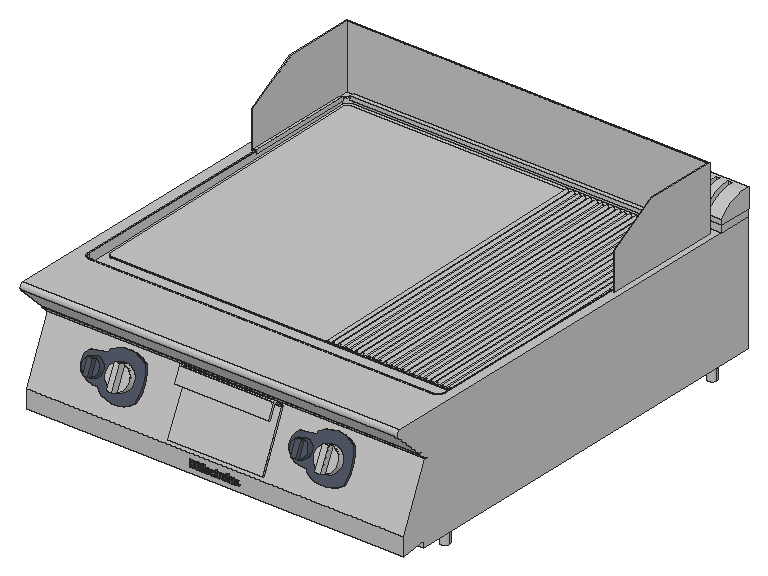
Revit family "QF_ELECTROLUXPROFESSIONAL_391055_E9FTGHCP00", category Specialty Equipment, Revit 2018 (continued)
Automatic sketch dimensions
  Extrusion 15 sketch curve to Extrusion 31 = 23.517 mm  (x2)
  Extrusion 31 to Extrusion 15 sketch curve = 10 mm
  Sweep 32 sketch curve to profile plane = 0 mm  (x22)
  profile plane to Sweep 32 sketch curve = 3.736 mm  (x22)
  plane 3 "LEFT" to Sweep 32 sketch curve = 496.642 mm
  Sweep 32 sketch curve to Sweep 32 sketch curve = 3.877 mm  (x44)
  Sweep 32 sketch curve to Sweep 32 sketch curve = 4.381 mm  (x21)
  Extrusion 7 sketch curve to Extrusion 1 = 0 mm  (x3)
  Extrusion 7 sketch curve to Extrusion 7 sketch curve = 69.85 mm
  Extrusion 1 to Extrusion 12 sketch curve = 17.03 mm  (x2)
  Extrusion 1 to Extrusion 12 sketch curve = 83.39 mm
  Extrusion 12 sketch curve to Extrusion 12 sketch curve = 1.588 mm
  Extrusion 1 to Extrusion 13 sketch curve = 37.03 mm
  Extrusion 1 to Extrusion 13 sketch curve = 92.539 mm
  Extrusion 13 sketch curve to Extrusion 13 sketch curve = 15 mm  (x3)
  Extrusion 1 to Extrusion 13 sketch curve = 145.147 mm  (x2)
  Extrusion 1 to Extrusion 13 sketch curve = 22.03 mm
  Extrusion 18 sketch curve to Extrusion 1 = 52 mm
  Extrusion 18 sketch curve to Extrusion 1 = 195.774 mm
  Extrusion 19 sketch curve to Extrusion 1 = 6.923 mm
  Extrusion 19 sketch curve to Extrusion 1 = 11.964 mm
  Extrusion 19 sketch curve to Extrusion 1 = 11.983 mm
  Extrusion 19 sketch curve to Extrusion 19 sketch curve = 0 mm  (x28)
  Extrusion 19 sketch curve to Extrusion 19 sketch curve = 5.108 mm  (x2)
  Extrusion 19 sketch curve to Extrusion 1 = 12.085 mm
  Extrusion 19 sketch curve to Extrusion 19 sketch curve = 0.218 mm
  Extrusion 19 sketch curve to Extrusion 19 sketch curve = 0.195 mm
  Extrusion 19 sketch curve to Extrusion 19 sketch curve = 0.249 mm
  Extrusion 19 sketch curve to Extrusion 1 = 12.28 mm
  Extrusion 19 sketch curve to Extrusion 19 sketch curve = 0.087 mm
  Extrusion 19 sketch curve to Extrusion 19 sketch curve = 0.358 mm
  Extrusion 19 sketch curve to Extrusion 19 sketch curve = 0.481 mm
  Extrusion 19 sketch curve to Extrusion 19 sketch curve = 0.597 mm
  Extrusion 19 sketch curve to Extrusion 19 sketch curve = 0.544 mm
  Extrusion 19 sketch curve to Extrusion 19 sketch curve = 0.936 mm
  Extrusion 19 sketch curve to Extrusion 19 sketch curve = 0.594 mm
  Extrusion 19 sketch curve to Extrusion 19 sketch curve = 0.343 mm
  Extrusion 19 sketch curve to Extrusion 19 sketch curve = 0.159 mm
  Extrusion 19 sketch curve to Extrusion 19 sketch curve = 0.826 mm
  Extrusion 19 sketch curve to Extrusion 19 sketch curve = 0.839 mm
  Extrusion 19 sketch curve to Extrusion 19 sketch curve = 0.852 mm
  Extrusion 19 sketch curve to Extrusion 19 sketch curve = 0.887 mm
  Extrusion 19 sketch curve to Extrusion 19 sketch curve = 0.928 mm
  Extrusion 19 sketch curve to Extrusion 19 sketch curve = 0.938 mm
  Extrusion 19 sketch curve to Extrusion 19 sketch curve = 0.444 mm
  Extrusion 19 sketch curve to Extrusion 19 sketch curve = 1.11 mm  (x3)
  Extrusion 19 sketch curve to Extrusion 19 sketch curve = 0.215 mm
  Extrusion 19 sketch curve to Extrusion 19 sketch curve = 1.43 mm
  Extrusion 19 sketch curve to Extrusion 19 sketch curve = 1.188 mm
  Extrusion 19 sketch curve to Extrusion 19 sketch curve = 1.21 mm  (x2)
  Extrusion 19 sketch curve to Extrusion 19 sketch curve = 0.503 mm
  Extrusion 19 sketch curve to Extrusion 19 sketch curve = 0.488 mm
  Extrusion 19 sketch curve to Extrusion 19 sketch curve = 0.462 mm
  Extrusion 19 sketch curve to Extrusion 19 sketch curve = 1.386 mm
  Extrusion 19 sketch curve to Extrusion 19 sketch curve = 1.742 mm  (x2)
  Extrusion 19 sketch curve to Extrusion 19 sketch curve = 0.821 mm
  Extrusion 19 sketch curve to Extrusion 19 sketch curve = 0.497 mm
  Extrusion 19 sketch curve to Extrusion 19 sketch curve = 0.539 mm
  Extrusion 19 sketch curve to Extrusion 19 sketch curve = 0.686 mm
  Extrusion 19 sketch curve to Extrusion 19 sketch curve = 0.408 mm
  Extrusion 19 sketch curve to Extrusion 19 sketch curve = 0.743 mm
  Extrusion 19 sketch curve to Extrusion 19 sketch curve = 1.16 mm
  Extrusion 19 sketch curve to Extrusion 19 sketch curve = 0.329 mm
  Extrusion 19 sketch curve to Extrusion 19 sketch curve = 1.054 mm
  Extrusion 19 sketch curve to Extrusion 19 sketch curve = 1.056 mm
  Extrusion 19 sketch curve to Extrusion 19 sketch curve = 1.185 mm
  Extrusion 19 sketch curve to Extrusion 19 sketch curve = 0.489 mm
  Extrusion 19 sketch curve to Extrusion 19 sketch curve = 0.441 mm
  Extrusion 19 sketch curve to Extrusion 19 sketch curve = 1.151 mm
  Extrusion 19 sketch curve to Extrusion 19 sketch curve = 1.141 mm  (x2)
  Extrusion 19 sketch curve to Extrusion 19 sketch curve = 0.768 mm
  Extrusion 19 sketch curve to Extrusion 19 sketch curve = 1.653 mm
  Extrusion 19 sketch curve to Extrusion 19 sketch curve = 0.499 mm
  Extrusion 19 sketch curve to Extrusion 19 sketch curve = 0.964 mm
  Extrusion 19 sketch curve to Extrusion 19 sketch curve = 0.949 mm
  Extrusion 19 sketch curve to Extrusion 19 sketch curve = 1.345 mm  (x3)
  Extrusion 19 sketch curve to Extrusion 19 sketch curve = 1.101 mm
  Extrusion 19 sketch curve to Extrusion 19 sketch curve = 0.432 mm
  Extrusion 19 sketch curve to Extrusion 19 sketch curve = 1.142 mm
  Extrusion 19 sketch curve to Extrusion 19 sketch curve = 0.959 mm
  Extrusion 19 sketch curve to Extrusion 19 sketch curve = 0.176 mm
  Extrusion 19 sketch curve to Extrusion 19 sketch curve = 0.728 mm
  Extrusion 19 sketch curve to Extrusion 19 sketch curve = 3.375 mm  (x2)
  Extrusion 19 sketch curve to Extrusion 19 sketch curve = 0.541 mm
  Extrusion 19 sketch curve to Extrusion 19 sketch curve = 0.955 mm
  Extrusion 19 sketch curve to Extrusion 19 sketch curve = 1.251 mm
  Extrusion 19 sketch curve to Extrusion 19 sketch curve = 0.572 mm
  Extrusion 19 sketch curve to Extrusion 19 sketch curve = 1.92 mm
  Extrusion 19 sketch curve to Extrusion 19 sketch curve = 1.224 mm
  Extrusion 19 sketch curve to Extrusion 19 sketch curve = 0.745 mm
  Extrusion 19 sketch curve to Extrusion 19 sketch curve = 2.537 mm
  Extrusion 19 sketch curve to Extrusion 19 sketch curve = 0.896 mm  (x3)
  Extrusion 19 sketch curve to Extrusion 19 sketch curve = 0.036 mm
  Extrusion 19 sketch curve to Extrusion 19 sketch curve = 2.607 mm
  Extrusion 19 sketch curve to Extrusion 19 sketch curve = 0.066 mm
  Extrusion 19 sketch curve to Extrusion 19 sketch curve = 0.248 mm
  Extrusion 19 sketch curve to Extrusion 19 sketch curve = 0.449 mm
  Extrusion 19 sketch curve to Extrusion 19 sketch curve = 1.052 mm
  Extrusion 19 sketch curve to Extrusion 19 sketch curve = 1.863 mm
  Extrusion 19 sketch curve to Extrusion 19 sketch curve = 1.31 mm  (x2)
  Extrusion 19 sketch curve to Extrusion 19 sketch curve = 0.901 mm
  Extrusion 19 sketch curve to Extrusion 19 sketch curve = 1.107 mm
  Extrusion 19 sketch curve to Extrusion 19 sketch curve = 2.122 mm
  Extrusion 19 sketch curve to Extrusion 19 sketch curve = 2.101 mm
  Extrusion 19 sketch curve to Extrusion 19 sketch curve = 0.106 mm
  Extrusion 19 sketch curve to Extrusion 19 sketch curve = 0.029 mm
  Extrusion 19 sketch curve to Extrusion 19 sketch curve = 2.09 mm
  Extrusion 19 sketch curve to Extrusion 19 sketch curve = 1.279 mm
  Extrusion 19 sketch curve to Extrusion 19 sketch curve = 2.008 mm
  Extrusion 19 sketch curve to Extrusion 19 sketch curve = 0.738 mm
  Extrusion 19 sketch curve to Extrusion 19 sketch curve = 0.382 mm
  Extrusion 19 sketch curve to Extrusion 19 sketch curve = 0.384 mm
  Extrusion 19 sketch curve to Extrusion 19 sketch curve = 0.002 mm
  Extrusion 19 sketch curve to Extrusion 19 sketch curve = 0.561 mm
  Extrusion 19 sketch curve to Extrusion 19 sketch curve = 0.592 mm
  Extrusion 19 sketch curve to Extrusion 19 sketch curve = 2.692 mm
  Extrusion 19 sketch curve to Extrusion 19 sketch curve = 1.259 mm
  Extrusion 19 sketch curve to Extrusion 19 sketch curve = 0.802 mm
  Extrusion 19 sketch curve to Extrusion 19 sketch curve = 1.024 mm
  Extrusion 19 sketch curve to Extrusion 19 sketch curve = 0.682 mm
  Extrusion 19 sketch curve to Extrusion 19 sketch curve = 5.934 mm
  Extrusion 19 sketch curve to Extrusion 19 sketch curve = 2.186 mm
  Extrusion 19 sketch curve to Extrusion 19 sketch curve = 0.337 mm
  Extrusion 19 sketch curve to Extrusion 19 sketch curve = 0.021 mm
  Extrusion 19 sketch curve to Extrusion 19 sketch curve = 1.005 mm
  Extrusion 19 sketch curve to Extrusion 19 sketch curve = 0.552 mm
  Extrusion 19 sketch curve to Extrusion 19 sketch curve = 0.778 mm
  Extrusion 19 sketch curve to Extrusion 19 sketch curve = 0.063 mm
  Extrusion 19 sketch curve to Extrusion 19 sketch curve = 1.023 mm
  Extrusion 19 sketch curve to Extrusion 19 sketch curve = 3.804 mm
  Extrusion 19 sketch curve to Extrusion 19 sketch curve = 0.486 mm
  Extrusion 19 sketch curve to Extrusion 19 sketch curve = 0.266 mm
  Extrusion 19 sketch curve to Extrusion 19 sketch curve = 1.547 mm
  Extrusion 19 sketch curve to Extrusion 19 sketch curve = 0.717 mm  (x2)
  Extrusion 19 sketch curve to Extrusion 19 sketch curve = 1.667 mm
  Extrusion 19 sketch curve to Extrusion 19 sketch curve = 3.174 mm
  Extrusion 19 sketch curve to Extrusion 19 sketch curve = 0.388 mm
  Extrusion 19 sketch curve to Extrusion 19 sketch curve = 1.342 mm
  Extrusion 19 sketch curve to Extrusion 19 sketch curve = 1.521 mm
  Extrusion 19 sketch curve to Extrusion 19 sketch curve = 0.124 mm
  Extrusion 19 sketch curve to Extrusion 19 sketch curve = 0.291 mm
  Extrusion 19 sketch curve to Extrusion 19 sketch curve = 1.049 mm  (x2)
  Extrusion 19 sketch curve to Extrusion 19 sketch curve = 1.7 mm
  Extrusion 19 sketch curve to Extrusion 19 sketch curve = 0.894 mm
  Extrusion 19 sketch curve to Extrusion 19 sketch curve = 0.989 mm
  Extrusion 19 sketch curve to Extrusion 19 sketch curve = 1.168 mm
  Extrusion 19 sketch curve to Extrusion 19 sketch curve = 1.594 mm
  Extrusion 19 sketch curve to Extrusion 19 sketch curve = 0.731 mm
  Extrusion 19 sketch curve to Extrusion 19 sketch curve = 1.566 mm
  Extrusion 19 sketch curve to Extrusion 19 sketch curve = 0.064 mm
  Extrusion 19 sketch curve to Extrusion 19 sketch curve = 0.556 mm  (x2)
  Extrusion 19 sketch curve to Extrusion 19 sketch curve = 0.48 mm
  Extrusion 19 sketch curve to Extrusion 19 sketch curve = 0.228 mm
  Extrusion 19 sketch curve to Extrusion 19 sketch curve = 1.018 mm
  Extrusion 19 sketch curve to Extrusion 19 sketch curve = 0.787 mm
  Extrusion 19 sketch curve to Extrusion 19 sketch curve = 0.618 mm
  Extrusion 19 sketch curve to Extrusion 19 sketch curve = 1.672 mm
  Extrusion 19 sketch curve to Extrusion 19 sketch curve = 1.361 mm
  Extrusion 19 sketch curve to Extrusion 19 sketch curve = 0.822 mm
  Extrusion 19 sketch curve to Extrusion 19 sketch curve = 0.069 mm
  Extrusion 19 sketch curve to Extrusion 19 sketch curve = 1.88 mm
  Extrusion 19 sketch curve to Extrusion 19 sketch curve = 0.42 mm
  Extrusion 19 sketch curve to Extrusion 19 sketch curve = 0.062 mm
  Extrusion 19 sketch curve to Extrusion 19 sketch curve = 1.355 mm
  Extrusion 19 sketch curve to Extrusion 19 sketch curve = 2.34 mm
  Extrusion 19 sketch curve to Extrusion 19 sketch curve = 0.493 mm
  Extrusion 19 sketch curve to Extrusion 19 sketch curve = 0.136 mm
  Extrusion 19 sketch curve to Extrusion 19 sketch curve = 0.128 mm
  Extrusion 19 sketch curve to Extrusion 19 sketch curve = 3.616 mm
  Extrusion 19 sketch curve to Extrusion 19 sketch curve = 4.207 mm
  Extrusion 19 sketch curve to Extrusion 19 sketch curve = 0.183 mm
  Extrusion 19 sketch curve to Extrusion 19 sketch curve = 0.895 mm
  Extrusion 19 sketch curve to Extrusion 19 sketch curve = 1.314 mm
  Extrusion 19 sketch curve to Extrusion 19 sketch curve = 3.231 mm
  Extrusion 19 sketch curve to Extrusion 19 sketch curve = 1.299 mm
  Extrusion 19 sketch curve to Extrusion 19 sketch curve = 1.214 mm
  Extrusion 19 sketch curve to Extrusion 19 sketch curve = 1.264 mm
  Extrusion 19 sketch curve to Extrusion 19 sketch curve = 0.109 mm
  Extrusion 19 sketch curve to Extrusion 19 sketch curve = 0.357 mm
  Extrusion 19 sketch curve to Extrusion 19 sketch curve = 0.565 mm
  Extrusion 19 sketch curve to Extrusion 19 sketch curve = 2.504 mm
  Extrusion 19 sketch curve to Extrusion 19 sketch curve = 2.459 mm
  Extrusion 1 to Extrusion 19 sketch curve = 348.496 mm
  Extrusion 19 sketch curve to Extrusion 19 sketch curve = 0.208 mm
  Extrusion 19 sketch curve to Extrusion 19 sketch curve = 0.468 mm  (x2)
  Extrusion 19 sketch curve to Extrusion 19 sketch curve = 1.559 mm
  Extrusion 19 sketch curve to Extrusion 19 sketch curve = 0.422 mm  (x2)
  Extrusion 19 sketch curve to Extrusion 19 sketch curve = 0.494 mm
  Extrusion 19 sketch curve to Extrusion 19 sketch curve = 3.927 mm
  Extrusion 19 sketch curve to Extrusion 19 sketch curve = 0.782 mm
  Extrusion 19 sketch curve to Extrusion 19 sketch curve = 1.268 mm
  Extrusion 19 sketch curve to Extrusion 19 sketch curve = 0.671 mm
  Extrusion 19 sketch curve to Extrusion 19 sketch curve = 0.777 mm
  Extrusion 19 sketch curve to Extrusion 19 sketch curve = 0.704 mm
  Extrusion 19 sketch curve to Extrusion 19 sketch curve = 0.781 mm  (x2)
  Extrusion 19 sketch curve to Extrusion 19 sketch curve = 1.634 mm
  Extrusion 19 sketch curve to Extrusion 19 sketch curve = 0.132 mm
  Extrusion 19 sketch curve to Extrusion 19 sketch curve = 3.136 mm
  Extrusion 19 sketch curve to Extrusion 19 sketch curve = 2.422 mm
  Extrusion 19 sketch curve to Extrusion 19 sketch curve = 0.586 mm
  Extrusion 19 sketch curve to Extrusion 19 sketch curve = 2.046 mm  (x2)
  Extrusion 19 sketch curve to Extrusion 19 sketch curve = 1.241 mm
  Extrusion 19 sketch curve to Extrusion 19 sketch curve = 1.689 mm
  Extrusion 19 sketch curve to Extrusion 19 sketch curve = 2.859 mm
  Extrusion 19 sketch curve to Extrusion 19 sketch curve = 0.627 mm
  Extrusion 19 sketch curve to Extrusion 19 sketch curve = 0.863 mm
  Extrusion 19 sketch curve to Extrusion 19 sketch curve = 0.419 mm
  Extrusion 19 sketch curve to Extrusion 19 sketch curve = 1.514 mm
  Extrusion 19 sketch curve to Extrusion 19 sketch curve = 1.019 mm
  Extrusion 19 sketch curve to Extrusion 19 sketch curve = 0.065 mm
  Extrusion 19 sketch curve to Extrusion 19 sketch curve = 1.215 mm
  Extrusion 19 sketch curve to Extrusion 19 sketch curve = 2.708 mm
  Extrusion 19 sketch curve to Extrusion 19 sketch curve = 1.122 mm
  Extrusion 19 sketch curve to Extrusion 19 sketch curve = 1.153 mm
  Extrusion 19 sketch curve to Extrusion 19 sketch curve = 3.009 mm
  Extrusion 19 sketch curve to Extrusion 19 sketch curve = 0.829 mm  (x2)
  Extrusion 19 sketch curve to Extrusion 19 sketch curve = 0.934 mm
  Extrusion 19 sketch curve to Extrusion 19 sketch curve = 3.376 mm
  Extrusion 19 sketch curve to Extrusion 19 sketch curve = 0.222 mm
  Extrusion 19 sketch curve to Extrusion 19 sketch curve = 1.383 mm
  Extrusion 19 sketch curve to Extrusion 19 sketch curve = 1.556 mm
  Extrusion 19 sketch curve to Extrusion 19 sketch curve = 2.559 mm
  Extrusion 19 sketch curve to Extrusion 19 sketch curve = 2.51 mm
  Extrusion 19 sketch curve to Extrusion 19 sketch curve = 0.131 mm
  Extrusion 19 sketch curve to Extrusion 19 sketch curve = 1.717 mm
  Extrusion 19 sketch curve to Extrusion 19 sketch curve = 1.134 mm
  Extrusion 19 sketch curve to Extrusion 19 sketch curve = 0.366 mm
  Extrusion 19 sketch curve to Extrusion 19 sketch curve = 0.094 mm
  Extrusion 19 sketch curve to Extrusion 19 sketch curve = 1.584 mm
  Extrusion 19 sketch curve to Extrusion 19 sketch curve = 1.501 mm
  Extrusion 19 sketch curve to Extrusion 19 sketch curve = 0.27 mm
  Extrusion 19 sketch curve to Extrusion 19 sketch curve = 1.808 mm
  Extrusion 19 sketch curve to Extrusion 19 sketch curve = 0.643 mm
  Extrusion 19 sketch curve to Extrusion 19 sketch curve = 0.916 mm
  Extrusion 19 sketch curve to Extrusion 19 sketch curve = 0.352 mm
  Extrusion 19 sketch curve to Extrusion 19 sketch curve = 0.458 mm
  Extrusion 19 sketch curve to Extrusion 19 sketch curve = 1.282 mm
  Extrusion 19 sketch curve to Extrusion 19 sketch curve = 1.363 mm
  Extrusion 19 sketch curve to Extrusion 19 sketch curve = 0.685 mm
  Extrusion 19 sketch curve to Extrusion 19 sketch curve = 0.905 mm
  Extrusion 19 sketch curve to Extrusion 19 sketch curve = 2.865 mm
  Extrusion 19 sketch curve to Extrusion 19 sketch curve = 0.472 mm
  Extrusion 19 sketch curve to Extrusion 19 sketch curve = 0.101 mm
  Extrusion 19 sketch curve to Extrusion 19 sketch curve = 0.54 mm
  Extrusion 19 sketch curve to Extrusion 19 sketch curve = 0.02 mm
  Extrusion 19 sketch curve to Extrusion 19 sketch curve = 0.582 mm
  Extrusion 19 sketch curve to Extrusion 19 sketch curve = 0.166 mm
  Extrusion 19 sketch curve to Extrusion 19 sketch curve = 0.16 mm
  Extrusion 19 sketch curve to Extrusion 19 sketch curve = 2.781 mm
  Extrusion 19 sketch curve to Extrusion 19 sketch curve = 1.118 mm
  Extrusion 19 sketch curve to Extrusion 19 sketch curve = 0.613 mm
  Extrusion 19 sketch curve to Extrusion 19 sketch curve = 0.361 mm
  Extrusion 19 sketch curve to Extrusion 19 sketch curve = 0.897 mm
  Extrusion 19 sketch curve to Extrusion 19 sketch curve = 0.167 mm
  Extrusion 19 sketch curve to Extrusion 19 sketch curve = 0.292 mm
  Extrusion 19 sketch curve to Extrusion 19 sketch curve = 0.305 mm
  Extrusion 19 sketch curve to Extrusion 19 sketch curve = 1.557 mm
  Extrusion 19 sketch curve to Extrusion 19 sketch curve = 2.499 mm
  Extrusion 19 sketch curve to Extrusion 19 sketch curve = 3.062 mm
  Extrusion 19 sketch curve to Extrusion 19 sketch curve = 2.968 mm
  Extrusion 19 sketch curve to Extrusion 19 sketch curve = 5.044 mm
  Extrusion 19 sketch curve to Extrusion 19 sketch curve = 0.629 mm  (x2)
  Extrusion 19 sketch curve to Extrusion 19 sketch curve = 1.131 mm
  Extrusion 19 sketch curve to Extrusion 19 sketch curve = 0.137 mm
  Extrusion 19 sketch curve to Extrusion 19 sketch curve = 0.027 mm
  Extrusion 19 sketch curve to Extrusion 19 sketch curve = 2.235 mm
  plane 5 "FRONT" to Extrusion 30 sketch curve = 0 mm  (x2)
  Extrusion 30 sketch curve to plane 3 "LEFT" = 0 mm
  Extrusion 30 sketch curve to plane 4 "RIGHT" = 0 mm
  plane 1 "BACK" to Extrusion 30 sketch curve = 0 mm
  Extrusion 30 sketch curve to plane 3 "LEFT" = 100 mm
  Extrusion 30 sketch curve to plane 4 "RIGHT" = 100 mm
  Extrusion 30 sketch curve to plane 1 "BACK" = 100 mm
  Extrusion 33 sketch curve to plane 7 "Center Y" = 11.804 mm
  plane 7 "Center Y" to Extrusion 33 sketch curve = 11.804 mm
  Extrusion 33 sketch curve to plane 5 "FRONT" = 151.264 mm
  Extrusion 33 sketch curve to Extrusion 33 sketch curve = 7.5 mm
  Extrusion 31 sketch curve to plane 6 "TOP" = 21.587 mm
  Extrusion 31 sketch curve to plane 5 "FRONT" = 137.461 mm
  plane 1 "BACK" to Extrusion 31 sketch curve = 92.539 mm
  Extrusion 31 sketch curve to Extrusion 31 sketch curve = 1.566 mm
  Extrusion 31 sketch curve to plane 6 "TOP" = 10.7 mm
  plane 1 "BACK" to curve 10 = 0 mm
  curve 178 to plane 3 "LEFT" = 0 mm
  curve 4 to plane 9 = 0 mm
  plane 5 "FRONT" to curve 4 = 0 mm
  curve 177 to plane 7 "Center Y" = 0 mm
  curve 178 to plane 4 "RIGHT" = 0 mm
  plane 5 "FRONT" to curve 3 = 0 mm
  plane 5 "FRONT" to curve 1 = 0 mm
  plane 14 to curve 27 = 4.442 mm
  curve 26 to curve 13 = 6.587 mm
  curve 37 to curve 14 = 6.721 mm
  curve 13 to curve 33 = 3.484 mm
  plane 14 to curve 39 = 18.703 mm
  plane 14 to curve 19 = 21.03 mm
  curve 33 to curve 31 = 6.516 mm
  curve 20 to curve 14 = 5 mm
  curve 13 to curve 12 = 15 mm
  curve 40 to curve 38 = 9.296 mm
  curve 14 to curve 22 = 5 mm
  curve 19 to curve 19 = 10 mm
  curve 38 to curve 42 = 16.193 mm
  curve 42 to curve 43 = 9.296 mm
  plane 1 "BACK" to curve 49 = 6.761 mm
  curve 43 to curve 49 = 16.193 mm
  curve 47 to curve 47 = 9.296 mm
  plane 1 "BACK" to curve 53 = 6.761 mm
  curve 46 to curve 53 = 16.193 mm
  curve 52 to curve 53 = 9.296 mm
  curve 50 to curve 56 = 16.193 mm
  curve 56 to curve 54 = 9.296 mm
  plane 1 "BACK" to curve 61 = 6.761 mm
  curve 54 to curve 61 = 16.193 mm
  curve 59 to curve 59 = 9.296 mm
  curve 58 to curve 63 = 16.193 mm
  curve 64 to curve 65 = 9.296 mm
  plane 1 "BACK" to curve 91 = 6.761 mm
  curve 62 to curve 91 = 16.193 mm
  curve 90 to curve 92 = 9.296 mm
  curve 92 to curve 94 = 16.193 mm
  curve 66 to curve 68 = 9.296 mm
  curve 68 to curve 72 = 16.193 mm
  curve 71 to curve 71 = 9.296 mm
  curve 70 to curve 75 = 16.193 mm
  curve 75 to curve 74 = 9.296 mm
  curve 4 to plane 7 "Center Y" = 99.95 mm
  curve 74 to curve 79 = 16.193 mm
  curve 79 to curve 79 = 9.296 mm
  curve 78 to curve 83 = 16.193 mm
  curve 84 to curve 82 = 9.296 mm
  plane 1 "BACK" to curve 88 = 6.761 mm
  curve 82 to curve 88 = 16.193 mm
  curve 88 to curve 86 = 9.296 mm
  curve 176 to plane 7 "Center Y" = 19.304 mm
  curve 176 to curve 175 = 7.464 mm
  curve 176 to curve 176 = 7.464 mm
  curve 176 to curve 176 = 0.037 mm
  plane 7 "Center Y" to curve 174 = 11.803 mm
  curve 174 to curve 174 = 0.037 mm  (x2)
  curve 174 to curve 174 = 7.501 mm
  plane 1 "BACK" to curve 143 = 6.761 mm
  plane 7 "Center Y" to curve 143 = 29.653 mm
  curve 143 to curve 144 = 9.296 mm
  curve 144 to curve 139 = 16.193 mm
  curve 139 to curve 142 = 9.296 mm
  curve 140 to curve 136 = 16.193 mm
  curve 135 to curve 136 = 9.296 mm
  plane 7 "Center Y" to curve 5 = 100.05 mm
  curve 136 to curve 172 = 10.594 mm
  plane 1 "BACK" to curve 134 = 6.761 mm
  curve 137 to curve 134 = 16.193 mm
  curve 172 to curve 171 = 12.135 mm
  curve 131 to curve 132 = 9.296 mm
  curve 171 to curve 170 = 12.135 mm
  curve 132 to curve 128 = 16.193 mm
  curve 170 to curve 169 = 12.135 mm
  curve 127 to curve 129 = 9.296 mm
  curve 169 to curve 168 = 12.135 mm
  curve 128 to curve 126 = 16.193 mm
  curve 168 to curve 167 = 12.135 mm
  curve 124 to curve 123 = 9.296 mm
  curve 167 to curve 166 = 12.135 mm
  curve 123 to curve 150 = 16.193 mm
  curve 166 to curve 165 = 12.135 mm
  curve 149 to curve 150 = 9.296 mm
  curve 165 to curve 164 = 12.135 mm
  plane 1 "BACK" to curve 122 = 6.761 mm
  curve 147 to curve 122 = 16.193 mm
  curve 164 to curve 163 = 12.135 mm
  curve 119 to curve 121 = 9.296 mm
  curve 163 to curve 162 = 12.135 mm
  plane 1 "BACK" to curve 115 = 6.761 mm
  curve 121 to curve 115 = 16.193 mm
  curve 162 to curve 161 = 12.135 mm
  curve 115 to curve 117 = 9.296 mm
  curve 161 to curve 160 = 12.135 mm
  curve 160 to curve 159 = 12.135 mm
  curve 116 to curve 112 = 16.193 mm
  curve 111 to curve 113 = 9.296 mm
  curve 159 to curve 158 = 12.135 mm
  curve 158 to curve 157 = 12.135 mm
  plane 1 "BACK" to curve 107 = 6.761 mm
  curve 113 to curve 107 = 16.193 mm
  curve 107 to curve 109 = 9.296 mm
  curve 157 to curve 156 = 12.135 mm
  curve 156 to curve 155 = 12.135 mm
  curve 108 to curve 103 = 16.193 mm
  curve 155 to curve 154 = 12.135 mm
  curve 103 to curve 104 = 9.296 mm
  curve 154 to curve 153 = 12.135 mm
  plane 12 to curve 101 = 12.487 mm
  plane 12 to curve 152 = 4.791 mm
  plane 12 to curve 100 = 3.191 mm
  curve 151 to plane 12 = 7.344 mm
  curve 151 to curve 23 = 2.627 mm
  curve 151 to curve 18 = 2.627 mm
  curve 95 to plane 12 = 13.001 mm
  curve 23 to curve 15 = 5 mm
  curve 11 to plane 12 = 14.97 mm
  curve 15 to curve 29 = 5 mm
  curve 15 to curve 24 = 5 mm
  curve 95 to curve 98 = 9.296 mm
  plane 15 to curve 35 = 14.401 mm
  curve 32 to curve 15 = 3.351 mm
  plane 15 to curve 16 = 10.917 mm
  plane 15 to curve 28 = 4.33 mm
  curve 12 to plane 5 "FRONT" = 137.461 mm
  curve 175 to plane 5 "FRONT" = 151.264 mm
  curve 176 to curve 176 = 7.5 mm
  curve 174 to curve 165 = 32.494 mm
  curve 17 to curve 152 = 38.797 mm
  curve 165 to curve 162 = 0 mm
  curve 156 to curve 152 = 0 mm
  curve 158 to curve 156 = 0 mm
  curve 159 to curve 158 = 0 mm  (x2)
  curve 156 to curve 155 = 0 mm  (x2)
  curve 168 to curve 165 = 0 mm
  curve 162 to curve 161 = 0 mm  (x2)
  curve 155 to curve 154 = 0 mm  (x2)
  curve 169 to curve 168 = 0 mm  (x2)
  curve 170 to curve 169 = 0 mm  (x2)
  curve 171 to curve 170 = 0 mm  (x2)
  curve 172 to curve 171 = 0 mm  (x2)
  curve 168 to curve 167 = 0 mm  (x2)
  curve 153 to curve 152 = 0 mm  (x2)
  curve 163 to curve 162 = 0 mm
  curve 161 to curve 160 = 0 mm  (x2)
  curve 167 to curve 166 = 0 mm  (x2)
  curve 164 to curve 163 = 0 mm  (x2)
  curve 157 to curve 156 = 0 mm  (x2)
  curve 152 to curve 151 = 0.05 mm  (x2)
  plane 8 "Center X" to curve 34 = 129.61 mm
  plane 8 "Center X" to curve 36 = 129.61 mm
  curve 35 to curve 16 = 0 mm
  curve 21 to curve 48 = 109.316 mm
  curve 15 to curve 23 = 1.462 mm
  curve 14 to curve 21 = 1.462 mm
  curve 163 to curve 119 = 99.366 mm
  curve 163 to curve 161 = 0 mm
  curve 155 to curve 151 = 0.05 mm
  curve 172 to curve 164 = 0 mm
  curve 160 to curve 159 = 0 mm
  curve 165 to curve 164 = 0 mm
  curve 21 to curve 37 = 10.536 mm
  curve 15 to curve 35 = 1.998 mm
  curve 30 to curve 15 = 2.318 mm
  curve 15 to curve 29 = 10.007 mm
  curve 26 to curve 178 = 13.54 mm
  curve 63 to curve 58 = 57.15 mm
  curve 31 to curve 39 = 19.479 mm
  curve 62 to curve 66 = 0 mm
  curve 38 to curve 42 = 0 mm
  curve 44 to curve 46 = 0 mm
  curve 68 to curve 70 = 0 mm
  curve 46 to curve 50 = 0 mm
  curve 70 to curve 74 = 0 mm
  curve 50 to curve 54 = 0 mm
  curve 74 to curve 78 = 0 mm
  curve 58 to curve 63 = 0 mm
  curve 78 to curve 82 = 0 mm
  curve 82 to curve 86 = 0 mm
  curve 164 to curve 150 = 42.216 mm
  curve 62 to curve 90 = 0 mm
  curve 177 to curve 145 = 5.939 mm
  curve 29 to curve 95 = 19.479 mm
  curve 144 to curve 141 = 0 mm
  curve 99 to curve 95 = 0 mm
  curve 140 to curve 137 = 0 mm
  curve 103 to curve 101 = 0 mm
  curve 136 to curve 133 = 0 mm
  curve 107 to curve 103 = 0 mm
  curve 132 to curve 129 = 0 mm
  curve 111 to curve 107 = 0 mm
  curve 126 to curve 149 = 0 mm
  curve 115 to curve 111 = 0 mm
  curve 121 to curve 115 = 0 mm
  plane 1 "BACK" to curve 123 = 6.761 mm
  plane 1 "BACK" to curve 114 = 6.761 mm
  plane 1 "BACK" to curve 127 = 6.761 mm
  plane 1 "BACK" to curve 106 = 6.761 mm
  plane 1 "BACK" to curve 135 = 6.761 mm
  plane 1 "BACK" to curve 101 = 6.761 mm
  plane 1 "BACK" to curve 139 = 6.761 mm
  plane 1 "BACK" to curve 98 = 6.761 mm
  plane 1 "BACK" to curve 94 = 6.761 mm
  plane 1 "BACK" to curve 147 = 6.761 mm
  plane 1 "BACK" to curve 62 = 6.761 mm
  plane 1 "BACK" to curve 85 = 6.761 mm
  plane 1 "BACK" to curve 57 = 6.761 mm
  plane 1 "BACK" to curve 81 = 6.761 mm
  plane 1 "BACK" to curve 77 = 6.761 mm
  plane 1 "BACK" to curve 73 = 6.761 mm
  plane 1 "BACK" to curve 44 = 6.761 mm
  plane 1 "BACK" to curve 41 = 6.761 mm
  curve 177 to curve 86 = 5.939 mm
  radius of Extrusion 21 sketch curve = 25.4 mm
  radius of Extrusion 22 sketch curve to Extrusion 21 = 0 mm  (x2)
  radius of Extrusion 23 sketch curve = 18.37 mm
  radius of Extrusion 26 sketch curve = 25.4 mm
  radius of Extrusion 27 sketch curve to Extrusion 26 = 0 mm  (x2)
  radius of Extrusion 28 sketch curve = 18.37 mm
  radius of Extrusion 2 sketch curve = 9.525 mm  (x4)
  radius of Extrusion 18 sketch curve = 6.35 mm
Connectors
  piping at (748, -664, 7), diameter 12.7
    settings: on Extrusion 18, index 1, connector inside diameter 1/2", connector length 0 mm, flow factor 0, pipe flow 0 GPM, pressure drop 0.00 psi, fitting loss kfactor 0, connector angle 0.00°, fixture units 0, engagement length 0 mm, angle of deflection 0.00°, flow configuration 1, flow direction 1, fitting loss method 0, system type 7, joint type 0, gender type 0, connector reference index -1, connector utility 0, adjustable connector no, is connector primary yes, connector description "GAS CONNECTION"
